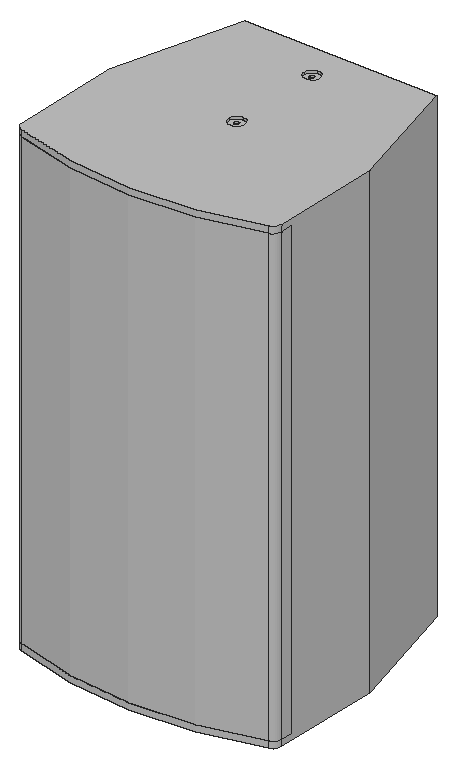
Revit family "Electronics_Community-Point-Source_Biamp_Loudspeaker_IC6_1082WR", category Communication Devices, host Face, Revit 2020
Family settings
  Host = Face
  Maintain Annotation Orientation = No
  Round Connector Dimension = Use Diameter
  Part Type = Normal
  OmniClass Number = 23.85.10.11.14.14.14
  OmniClass Title = Loudspeakers
  Cut with Voids When Loaded = No
  Shared = No
  Room Calculation Point = No
Parameters (values of type "Please download a type catalog")
  Width = 10.40"  # constant formula
  Weight = 0.00 lbf
  URL = "https://www.biamp.com/"
  Transducers = "LF 1 x 8 (203mm) ferrite driver, 1.8 (45mm) voice coil; HF 1 x 1 (25mm exit, 1.75 (44mm) voice coil, advanced polymer diaphragm, ferrite compression driver"  # constant formula
  Recommended Amplifers = "250W - 500W - 8 ohms,  (45V - 63V)"  # constant formula
  Product data url = "https://www.bimobject.com/biamp/product/ic6-1082wr_community-point-source"
  Product Page URL = "https://www.biamp.com/products/product-families/community/point-source#ic6-1082wr"
  Product Documentation Link = ""
  Operating Range = ""
  Operating Mode = "Low Impedance or 70V/100V models "  # constant formula
  Operating Environment = "Indoor or Weather-Resistant Outdoor"  # constant formula
  Nominal Sensitivity = ""
  Nominal Maximum SPL = ""
  Nominal Beamwidth  (H x V) = ""
  Mounting Points = "M10 threaded inserts; M8 threaded inserts (rear)"  # constant formula
  Model = ""
  Manufacturer = "Biamp"  # constant formula
  Input Connection = "Screw terminal block (5-position)"  # constant formula
  Housing Material = Biamp - Plastic - Gray
  Height = 18.75"  # constant formula
  Gril Material = Biamp - Plastic - Gray(Grid)
  Equalized Sensitivity = ""
  Equalized Maximum SPL = ""
  Environmental = "Outdoor:  IP55W per IEC 60529, MIL-STD-810G"  # constant formula
  Description = "IC6-1082WR High Output 8-Inch Two-Way Installation Loudspeaker"  # constant formula
  Depth = 10.63"  # constant formula
  Default Elevation = 48.00"
  Connector Description = ""
Reference planes (in)
  plane 1 "Center (Front/Back)": y = 0
  plane 2: z = 0
  plane 3 "Center (Left/Right)": x = 0
Forms (in)
  Extrusion 1, solid, material "Biamp - Plastic - Gray" <- "Housing Material", detail levels medium+fine
    sketch origin (0, 1.56, 0) x (0, 1, 0) y (-1, 0, 0)
      loop
        line (3.69, -3.845) -> (3.69, 3.845) -> (-1.37311, 5.20166) -> (-5.77624, 5.20166)
        arc (-5.77624, 5.20166) -> (-5.99001, 5.13232) -> (-6.12365, 4.95166) r 0.36819
        arc (-6.12365, 4.95166) -> (-6.94, 0) -> (-6.12365, -4.95166) r 15.42565
        arc (-6.12365, -4.95166) -> (-5.98895, -5.13308) -> (-5.77365, -5.20166) r 0.36819
        line (-5.77365, -5.20166) -> (-1.37311, -5.20166) -> (3.69, -3.845)
    from 0 to 18.75
  Extrusion 2, void
    sketch origin (0, 1.56, 0) x (0, 1, 0) y (-1, 0, 0)
      loop
        arc (-5.31, 6.82199) -> (-7.93954, -0.15462) -> (-5.31, -7.13123) r 10.56983
        line (-5.31, -7.13123) -> (-5.31, 6.82199)
    from 0.25384 to 18.5
  Extrusion 3, solid, material "Biamp - Plastic - Gray(Grid)" <- "Gril Material", detail levels medium+fine
    sketch origin (0, 0.69, 0) x (0, 1, 0) y (-1, 0, 0)
      loop
        line (-4.44, -5.20166) -> (-4.44, 5.20166) -> (-4.90624, 5.20166)
        arc (-4.90624, 5.20166) -> (-5.12001, 5.13232) -> (-5.25365, 4.95166) r 0.36819
        arc (-5.25365, 4.95166) -> (-6.07, 0) -> (-5.25365, -4.95166) r 15.42565
        arc (-5.25365, -4.95166) -> (-5.11895, -5.13308) -> (-4.90365, -5.20166) r 0.36819
        line (-4.90365, -5.20166) -> (-4.44, -5.20166)
    from 0.25384 to 18.5
  Extrusion 4, void
    sketch origin (0, 1.56, 0) x (1, 0, 0) y (0, 1, 0)
      loop
        circle (0, 2.248) r 0.32
      loop
        circle (0, -1.532) r 0.32
    from 18.68 to 18.75
  Extrusion 5, void
    sketch origin (0.75, 1.56, 0) x (1, 0, 0) y (0, 1, 0)
      loop
        circle (-0.75, 2.248) r 0.1
      loop
        circle (-0.75, -1.532) r 0.1
    from 18.66 to 18.68
  Extrusion 6, void
    sketch origin (0, 0, -1.78384) x (1, 0, 0) y (0, 0, 1)
      loop
        line (-1.625, 3.00384) -> (1.625, 3.00384) -> (1.625, 8.45384) -> (-1.625, 8.45384) -> (-1.625, 3.00384)
    from -5.25 to -5.03478
  Extrusion 7, void
    sketch origin (0, 0, -0.245) x (1, 0, 0) y (0, 0, 1)
      loop
        circle (1, 12.96) r 0.32
      loop
        circle (-1, 12.96) r 0.32
      loop
        circle (1, 9.21) r 0.32
      loop
        circle (-1, 9.21) r 0.32
      loop
        circle (0, 11.085) r 0.32
    from -5.25 to -5.16
  Extrusion 8, void
    sketch origin (-2.85758, 0, -0.245) x (1, 0, 0) y (0, 0, 1)
      loop
        circle (3.85758, 12.96) r 0.1
      loop
        circle (1.85758, 12.96) r 0.1
      loop
        circle (3.85758, 9.21) r 0.1
      loop
        circle (1.85758, 9.21) r 0.1
      loop
        circle (2.85758, 11.085) r 0.1
    from -5.14 to -5.16
  Extrusion 9, solid, material "Biamp - Plastic - Gray" <- "Housing Material", detail levels medium+fine
    sketch origin (0, 0, -1.78384) x (1, 0, 0) y (0, 0, 1)
      loop
        line (0.25, 3.22884) -> (0.25, 8.22884) -> (-0.25, 8.22884) -> (-0.25, 3.22884) -> (0.25, 3.22884)
    from -5.14195 to -5.03478
  Extrusion 10, solid, material "Biamp - Plastic - Gray" <- "Housing Material", detail levels coarse
    sketch origin (0, 1.56, 0) x (0, 1, 0) y (-1, 0, 0)
      loop
        line (3.69, -3.845) -> (3.69, 3.845) -> (-1.37311, 5.20166) -> (-6.03652, 5.20166)
        arc (-6.03652, 5.20166) -> (-6.94, 0) -> (-6.03652, -5.20166) r 15.42565
        line (-6.03652, -5.20166) -> (-1.37311, -5.20166) -> (3.69, -3.845)
    from 0 to 18.75
Cuts and joins
  Extrusion 2, Extrusion 4, Extrusion 5, Extrusion 6, Extrusion 7, Extrusion 8 cuts Extrusion 1
  joined: Extrusion 1, Extrusion 9
  Extrusion 6, Extrusion 7 cuts Extrusion 3
Lines and regions (in)
  Masking region 1, detail levels medium+fine
    outline origin (0, 0, 0) x (1, 0, 0) y (0, 1, 0)
      loop
        line (3.845, 5.25) -> (-3.845, 5.25) -> (-5.20166, 0.18689) -> (-5.20166, -4.21365)
        arc (-5.20166, -4.21365) -> (-5.13308, -4.42895) -> (-4.95166, -4.56365) r 0.36819
        arc (-4.95166, -4.56365) -> (0, -5.38) -> (4.95166, -4.56365) r 15.42565
        arc (4.95166, -4.56365) -> (5.13308, -4.42895) -> (5.20166, -4.21365) r 0.36819
        line (5.20166, -4.21365) -> (5.20166, 0.18689) -> (3.845, 5.25)
  Masking region 2, detail levels coarse
    outline origin (0, -0.5, 0) x (1, 0, 0) y (0, 1, 0)
      loop
        line (-3.845, 5.75) -> (-5.20166, 0.68689) -> (-5.20166, -3.97652)
        arc (-5.20166, -3.97652) -> (0, -4.88) -> (5.20166, -3.97652) r 15.42565
        line (5.20166, -3.97652) -> (5.20166, 0.68689) -> (3.845, 5.75) -> (-3.845, 5.75)
  symbolic lines, detail levels medium+fine
    curve 1: arc (0.32, 0.028, 0) -> (0, -0.292, 0) -> (-0.32, 0.028, 0) r 0.32
    curve 2: arc (0.32, 0.028, 0) -> (0, 0.348, 0) -> (-0.32, 0.028, 0) r 0.32
    curve 3: arc (0.1, 0.028, 0) -> (0, 0.128, 0) -> (-0.1, 0.028, 0) r 0.1
    curve 4: arc (-0.1, 0.028, 0) -> (0, -0.072, 0) -> (0.1, 0.028, 0) r 0.1
    curve 5: arc (-0.32, 3.808, 0) -> (0, 3.488, 0) -> (0.32, 3.808, 0) r 0.32
    curve 6: arc (0.32, 3.808, 0) -> (0, 4.128, 0) -> (-0.32, 3.808, 0) r 0.32
    curve 7: arc (-0.1, 3.808, 0) -> (0, 3.708, 0) -> (0.1, 3.808, 0) r 0.1
    curve 8: arc (0.1, 3.808, 0) -> (0, 3.908, 0) -> (-0.1, 3.808, 0) r 0.1
Dimensions and locks (in)
  aligned and locked: plane 2 to host face
  aligned and locked: level to host face
Connectors (in)
  electrical at (0, 5.14195, 3.945), driven by "Connector Description"
    settings: on cut or joined group of Extrusion 1, Extrusion 2, Extrusion 4, Extrusion 5, Extrusion 6, Extrusion 7, Extrusion 8, Extrusion 9, index 1, voltage 0 V, apparent load 0 VA, apparent load phase1 0 VA, apparent load phase2 0 VA, apparent load phase3 0 VA, power factor 1, load classification "Other", number of poles 1, system type 5, power factor state 1, is connector primary yes, connector utility no, sub classification motor no, connector description ""
Types in the file's own list only (12): name | Width | Weight | Product Documentation Link | Operating Range | Operating Mode | Nominal Sensitivity | Nominal Maximum SPL | Nominal Beamwidth  (H x V) | Model | Housing Material | Height | Gril Material | Equalized Sensitivity | Equalized Maximum SPL | Depth | Default Elevation | Connector Description
  IC6-1082WT96 G | 10.40 " | 23.20 lbf | "https://downloads.biamp.com/assets/docs/default-source/data-sheets/biamp_data_sheet_community_ic6-1082-96.pdf" | "53 Hz to 20 kHz" | "Low Impedance or 70V/100V models" | "1W/1m - 95 dB; 2.83V - 95 dB" | "Peak - 124 dB; Continious - 118 dB" | "90° x  60°" | "IC6-1082WT96 G" | Biamp - Plastic - Gray | 18.75 " | Biamp - Plastic - Gray(Grid) | "1W/1m - 94 dB; 2.83V - 94 dB" | "Peak - 124 dB; Continious - 118 dB" | 10.63 " | 48.00 " | "Screw terminal block (5-position); 70/100V applications"
  IC6-1082WT96 W | 10.40 " | 23.20 lbf | "https://downloads.biamp.com/assets/docs/default-source/data-sheets/biamp_data_sheet_community_ic6-1082-96.pdf" | "53 Hz to 20 kHz" | "Low Impedance or 70V/100V models" | "1W/1m - 95 dB; 2.83V - 95 dB" | "Peak - 124 dB; Continious - 118 dB" | "90° x  60°" | "IC6-1082WT96 W" | Biamp - Plastic - White | 18.75 " | Biamp - Plastic - White(Grid) | "1W/1m - 94 dB; 2.83V - 94 dB" | "Peak - 124 dB; Continious - 118 dB" | 10.63 " | 48.00 " | "Screw terminal block (5-position); 70/100V applications"
  IC6-1082WT96 B | 10.40 " | 23.20 lbf | "https://downloads.biamp.com/assets/docs/default-source/data-sheets/biamp_data_sheet_community_ic6-1082-96.pdf" | "53 Hz to 20 kHz" | "Low Impedance or 70V/100V models" | "1W/1m - 95 dB; 2.83V - 95 dB" | "Peak - 124 dB; Continious - 118 dB" | "90° x  60°" | "IC6-1082WT96 B" | Biamp - Plastic - Black | 18.75 " | Biamp - Plastic - Black(Grid) | "1W/1m - 94 dB; 2.83V - 94 dB" | "Peak - 124 dB; Continious - 118 dB" | 10.63 " | 48.00 " | "Screw terminal block (5-position); 70/100V applications"
  IC6-1082WT26 G | 10.40 " | 23.20 lbf | "https://downloads.biamp.com/assets/docs/default-source/data-sheets/biamp_data_sheet_community_ic6-1082-26.pdf" | "52 Hz to 19.5 kHz" | "Low Impedance or 70V/100V models" | "1W/1m - 94 dB; 2.83V - 94 dB" | "Peak - 124 dB; Continious - 118 dB" | "120° x  60°" | "IC6-1082WT26 G" | Biamp - Plastic - Gray | 18.75 " | Biamp - Plastic - Gray(Grid) | "1W/1m - 93 dB; 2.83V - 93 dB" | "Peak - 123 dB; Continious - 117 dB" | 10.63 " | 48.00 " | "Screw terminal block (5-position); 70/100V applications"
  IC6-1082WT26 W | 10.40 " | 23.20 lbf | "https://downloads.biamp.com/assets/docs/default-source/data-sheets/biamp_data_sheet_community_ic6-1082-26.pdf" | "52 Hz to 19.5 kHz" | "Low Impedance or 70V/100V models" | "1W/1m - 94 dB; 2.83V - 94 dB" | "Peak - 124 dB; Continious - 118 dB" | "120° x  60°" | "IC6-1082WT26 W" | Biamp - Plastic - White | 18.75 " | Biamp - Plastic - White(Grid) | "1W/1m - 93 dB; 2.83V - 93 dB" | "Peak - 123 dB; Continious - 117 dB" | 10.63 " | 48.00 " | "Screw terminal block (5-position); 70/100V applications"
  IC6-1082WT26 B | 10.40 " | 23.20 lbf | "https://downloads.biamp.com/assets/docs/default-source/data-sheets/biamp_data_sheet_community_ic6-1082-26.pdf" | "52 Hz to 19.5 kHz" | "Low Impedance or 70V/100V models" | "1W/1m - 94 dB; 2.83V - 94 dB" | "Peak - 124 dB; Continious - 118 dB" | "120° x  60°" | "IC6-1082WT26 B" | Biamp - Plastic - Black | 18.75 " | Biamp - Plastic - Black(Grid) | "1W/1m - 93 dB; 2.83V - 93 dB" | "Peak - 123 dB; Continious - 117 dB" | 10.63 " | 48.00 " | "Screw terminal block (5-position); 70/100V applications"
  IC6-1082WR26 G | 10.40 " | 19.20 lbf | "https://downloads.biamp.com/assets/docs/default-source/data-sheets/biamp_data_sheet_community_ic6-1082-26.pdf" | "52 Hz to 19.5 kHz" | "Low Impedance or 70V/100V models" | "1W/1m - 94 dB; 2.83V - 94 dB" | "Peak - 124 dB; Continious - 118 dB" | "120° x  60°" | "IC6-1082WR26 G" | Biamp - Plastic - Gray | 18.75 " | Biamp - Plastic - Gray(Grid) | "1W/1m - 93 dB; 2.83V - 93 dB" | "Peak - 123 dB; Continious - 117 dB" | 10.63 " | 48.00 " | "Screw terminal block (5-position); Low impedance (8 ohm)"
  IC6-1082WR26 W | 10.40 " | 19.20 lbf | "https://downloads.biamp.com/assets/docs/default-source/data-sheets/biamp_data_sheet_community_ic6-1082-26.pdf" | "52 Hz to 19.5 kHz" | "Low Impedance or 70V/100V models" | "1W/1m - 94 dB; 2.83V - 94 dB" | "Peak - 124 dB; Continious - 118 dB" | "120° x  60°" | "IC6-1082WR26 W" | Biamp - Plastic - White | 18.75 " | Biamp - Plastic - White(Grid) | "1W/1m - 93 dB; 2.83V - 93 dB" | "Peak - 123 dB; Continious - 117 dB" | 10.63 " | 48.00 " | "Screw terminal block (5-position); Low impedance (8 ohm)"
  IC6-1082WR26 B | 10.40 " | 19.20 lbf | "https://downloads.biamp.com/assets/docs/default-source/data-sheets/biamp_data_sheet_community_ic6-1082-26.pdf" | "52 Hz to 19.5 kHz" | "Low Impedance or 70V/100V models" | "1W/1m - 94 dB; 2.83V - 94 dB" | "Peak - 124 dB; Continious - 118 dB" | "120° x  60°" | "IC6-1082WR26 B" | Biamp - Plastic - Black | 18.75 " | Biamp - Plastic - Black(Grid) | "1W/1m - 93 dB; 2.83V - 93 dB" | "Peak - 123 dB; Continious - 117 dB" | 10.63 " | 48.00 " | "Screw terminal block (5-position); Low impedance (8 ohm)"
  IC6-1082WR96 G | 10.40 " | 19.20 lbf | "https://downloads.biamp.com/assets/docs/default-source/data-sheets/biamp_data_sheet_community_ic6-1082-96.pdf" | "53 Hz to 20 kHz" | "Low Impedance or 70V/100V models" | "1W/1m - 95 dB; 2.83V - 95 dB" | "Peak - 124 dB; Continious - 118 dB" | "90° x  60°" | "IC6-1082WR96" | Biamp - Plastic - Gray | 18.75 " | Biamp - Plastic - Gray(Grid) | "1W/1m - 94 dB; 2.83V - 94 dB" | "Peak - 124 dB; Continious - 118 dB" | 10.63 " | 48.00 " | "Screw terminal block (5-position); Low impedance (8 ohm)"
  IC6-1082WR96 W | 10.40 " | 19.20 lbf | "https://downloads.biamp.com/assets/docs/default-source/data-sheets/biamp_data_sheet_community_ic6-1082-96.pdf" | "53 Hz to 20 kHz" | "Low Impedance or 70V/100V models" | "1W/1m - 95 dB; 2.83V - 95 dB" | "Peak - 124 dB; Continious - 118 dB" | "90° x  60°" | "IC6-1082WR96" | Biamp - Plastic - White | 18.75 " | Biamp - Plastic - White(Grid) | "1W/1m - 94 dB; 2.83V - 94 dB" | "Peak - 124 dB; Continious - 118 dB" | 10.63 " | 48.00 " | "Screw terminal block (5-position); Low impedance (8 ohm)"
  IC6-1082WR96 B | 10.40 " | 19.20 lbf | "https://downloads.biamp.com/assets/docs/default-source/data-sheets/biamp_data_sheet_community_ic6-1082-96.pdf" | "53 Hz to 20 kHz" | "Low Impedance or 70V/100V models" | "1W/1m - 95 dB; 2.83V - 95 dB" | "Peak - 124 dB; Continious - 118 dB" | "90° x  60°" | "IC6-1082WR96" | Biamp - Plastic - Black | 18.75 " | Biamp - Plastic - Black(Grid) | "1W/1m - 94 dB; 2.83V - 94 dB" | "Peak - 124 dB; Continious - 118 dB" | 10.63 " | 48.00 " | "Screw terminal block (5-position); Low impedance (8 ohm)"
